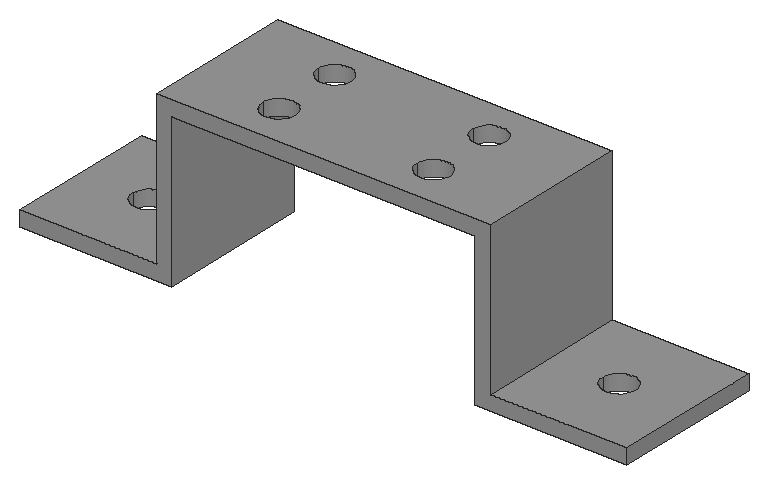
Revit family "Potential- und Erdanschlussblock VA", category Generic Models, Revit 2015
Parameters (values of type "1805 2 VA")
  Width = 50 mm
  URL = "http://www.obo-bettermann.com"
  Material = Stainless Steel
  Manufacturer Art.No. = "5016096"
  Manufacturer = "OBO Bettermann"
  Length 1 = 200 mm
  Length = 110 mm
  Height = 55 mm
  GTIN = "4012195922216"
  Article Type = "1805 2 VA"
Types (4, lengths in mm): name | Manufacturer Art.No. | Length 1 | Length | GTIN | Article Type
  (no name) | "5016096" | 200 | 110 | "4012195922216" | "1805 2 VA"
  1805 2 VA | "5016096" | 200 | 110 | "4012195922216" | "1805 2 VA"
  1805 4 VA | "5016118" | 302 | 212 | "4012195800354" | "1805 4 VA"
  1805 6 VA | "5016126" | 404 | 314 | "4012195922278" | "1805 6 VA"
Reference planes
  plane 1 "Center (Front/Back)": y = 0
  plane 2: z = 0
  plane 3 "Center (Left/Right)": x = 0
  plane 4: y = 25
  plane 5: y = -25
Forms (mm)
  Extrusion 1, solid, material "Stainless Steel" <- "Material"
    sketch origin (0, 0, 0) x (1, 0, 0) y (0, 0, 1)
      loop
        line (-55, 5) -> (-100, 5) -> (-100, 0) -> (-50, 0) -> (-50, 50) -> (50, 50) -> (50, 0) -> (100, 0) -> (100, 5) -> (55, 5) -> (55, 55) -> (-55, 55) -> (-55, 5)
    from -25 to 25
  Extrusion 2, void
    sketch origin (0, 0, 0) x (1, 0, 0) y (0, 1, 0)
      loop
        circle (-25.5, 11.5) r 5.5
      loop
        circle (25.5, 11.5) r 5.5
      loop
        circle (76.5, 11.5) r 5.5
      loop
        circle (127.5, 11.5) r 5.5
      loop
        circle (178.5, 11.5) r 5.5
      loop
        circle (229.5, 11.5) r 5.5
      loop
        circle (-25.5, -11.5) r 5.5
      loop
        circle (25.5, -11.5) r 5.5
      loop
        circle (76.5, -11.5) r 5.5
      loop
        circle (127.5, -11.5) r 5.5
      loop
        circle (178.5, -11.5) r 5.5
      loop
        circle (229.5, -11.5) r 5.5
    from 50 to 55
  Extrusion 3, void
    sketch origin (0, 0, 0) x (1, 0, 0) y (0, 1, 0)
      loop
        circle (-77.5, 0) r 5.5
      loop
        circle (77.5, 0) r 5.5
    from 0 to 5
Cuts and joins
  Extrusion 2, Extrusion 3 cuts Extrusion 1
Dimensions and locks
  "Length": Extrusion 1 sketch curve to Extrusion 1 sketch curve
  equal spacing: Extrusion 1 sketch curve, plane 3 "Center (Left/Right)", Extrusion 1 sketch curve  (x2)
  locked: Extrusion 1 sketch curve to level at 5
  "Height": Extrusion 1 sketch curve to level
  "Length 1": Extrusion 1 sketch curve to Extrusion 1 sketch curve
  locked: Extrusion 1 sketch curve to Extrusion 1 sketch curve at 5  (x3)
  "Width": plane 4 to plane 5
  locked: plane 4 to plane 1 "Center (Front/Back)" at 25
  Extrusion 1 to Extrusion 2 sketch curve = 29.5 mm
  locked: Extrusion 1 to Extrusion 2 sketch curve at 13.5  (x2)
  locked: Extrusion 2 sketch curve to Extrusion 2 sketch curve at 51  (x10)
  locked: cut or joined group of Extrusion 1, Extrusion 2, Extrusion 3 to Extrusion 2 sketch curve at 13.5  (x4)
  locked: cut or joined group of Extrusion 1, Extrusion 2, Extrusion 3 to Extrusion 3 sketch curve at 22.5
  locked: Extrusion 3 sketch curve to cut or joined group of Extrusion 1, Extrusion 2, Extrusion 3 at 22.5
  aligned and locked: level to plane 2
  aligned and locked: Extrusion 1 sketch curve to Extrusion 1 sketch curve
  aligned and locked: Extrusion 1 sketch curve to level  (x2)
  aligned and locked: plane 4 to Extrusion 1
  aligned and locked: Extrusion 1 to plane 5
  aligned and locked: Extrusion 1 to Extrusion 2
  aligned and locked: Extrusion 2 to Extrusion 1
  aligned and locked: Extrusion 3 to level
  aligned and locked: Extrusion 3 to Extrusion 1
Automatic sketch dimensions
  plane 1 "Center (Front/Back)" to Extrusion 2 sketch curve = 11.5 mm  (x6)
  Extrusion 2 sketch curve to Extrusion 2 sketch curve = 0 mm
  plane 1 "Center (Front/Back)" to Extrusion 3 sketch curve = 0 mm  (x2)
  radius of Extrusion 2 sketch curve = 5.5 mm  (x12)
  radius of Extrusion 3 sketch curve = 5.5 mm  (x2)
